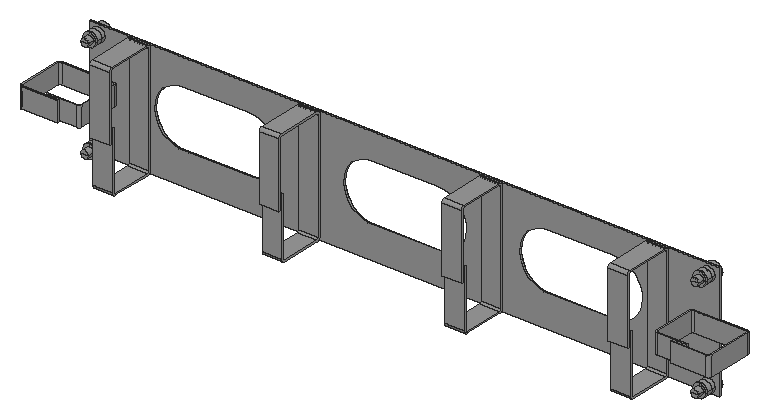
Revit family "ITK Кабельный органайзер 2U 2 боковых горизонтальных и 4 вертикальных кольца", category Обобщенные модели, Revit 2016
Family settings
  Тип детали = Нормальный
  Может служить основой для арматурных стержней = Нет
  Размер круглого соединителя = Использовать диаметр
  На основе рабочей плоскости = Нет
  Всегда вертикально = Да
  При загрузке вырезать с полостями = Нет
  Общий = Нет
  Точка расчета площади = Нет
Parameters (values of type "CO05-2M5RM")
  Ширина = 483 mm
  Высота = 89 mm
  Описание = "19-дюймовые кабельные организаторы ITK предназначены для горизонтальной организации кабеля и кабельных пучков в шкафах и стойках для укладки кабелей в пространствах между коммутационными панелями и установленным активным оборудованием, обеспечивают их поддержку в пределах монтажной высоты шкафа, гарантируют необходимый радиус изгиба коммутационных шнуров и кабеля при подведении их к оборудованию, позволяют избежать перекручивания и спутывания кабелей. При использовании кабельных организаторов существенно снижается вероятность появления сильных перегибов и изломов кабелей, повышается скорость и эффективность работы IT-специалистов и администраторов при обслуживании шкафов и стоек.\r\n\r\nКабельные органайзеры устанавливаются на 19-дюймовые монтажные профили, занимая при этом один или два юнита полезной высоты. Монтаж осуществляется с помощью крепежа винт-шайба-гайка.\r\n\r\nГоризонтальные кабельные организаторы представлены двумя основными видами: открытый органайзер с кольцами или закрытого типа с крышкой. Высота органайзеров: 1U или 2U. Материал: листовая сталь. В комплект поставки входит органайзер и комплект крепежа.\r\nСовместимы со всеми 19-дюймовыми шкафами и стойками ITK.\r\nОбладают современным привлекательным дизайном и продуманной конструкцией.\r\nУдобны в монтаже и эксплуатации.\r\nСоответствие международным стандартам ISO9001, IEC 297, ISO/IEC 11801. \r\nСертифицированы по ГОСТ Р.\r\nВсе аксессуары идут с крепежом.\r\nВозможно исполнение в двух цветах: серый (RAL7035) и черный (RAL9005).\r\nВсегда в наличии на складе.\r\nГарантия на все аксессуары до 2-х лет."  # constant formula
  Материал = Окраска - RAL 9005
  Type Comments = ""
  Изготовитель = "ITK"  # constant formula
  Глубина = 12 mm
  URL = "http://www.itk-group.ru/produktsiya/catalog/?page=section&id=564&pagen=1&pagec=100"
  ADSK_Примечание = ""
  ADSK_Позиция [instance] = ""
  ADSK_Наименование краткое = "CO05-2M6R"
  ADSK_Наименование = "ITK Кабельный органайзер 2U 2 боковых горизонтальных и 4 вертикальных кольца, черный"
  ADSK_Масса = 0
  ADSK_Марка = "CO05-2M6R"
  ADSK_Код изделия = ""
  ADSK_Завод-изготовитель = "IEK"
  ADSK_Единица измерения = "шт"
  ADSK_Группирование = "I. ЩИТЫ И ПУЛЬТЫ"
Types (2, lengths in mm): name | Материал | ADSK_Наименование краткое | ADSK_Наименование | ADSK_Марка
  CO05-2M5RM | Окраска - RAL 9005 | "CO05-2M6R" | "ITK Кабельный органайзер 2U 2 боковых горизонтальных и 4 вертикальных кольца, черный" | "CO05-2M6R"
  CO35-2M5RM | Окраска - RAL 7035 | "CO35-2M5RM" | "ITK Кабельный органайзер 2U 2 боковых горизонтальных и 4 вертикальных кольца, серый" | "CO35-2M5RM"
Reference planes
  plane 1 "По центру (Вперед/Назад)": y = 0
  plane 2: z = 0
  plane 3 "По центру (Влево/Вправо)": x = 0
  plane 4: x = -241.5
  plane 5: x = 241.5
  plane 6: y = -1
  plane 7: x = -223.188
  plane 8: x = 222.388
  plane 9: z = 89
  plane 10: y = 11
  plane 11: x = -173
  plane 12: x = -98
  plane 13: x = -83
  plane 14: x = -8
  plane 15: x = 7
  plane 16: x = 173
  plane 17: x = 98
  plane 18: x = 83
  plane 19: z = 5.937
  plane 20: z = 82.75
  plane 21: z = 44.5
  plane 22: z = 47.266
  plane 23: z = 36.859
Forms (mm)
  Extrusion 1, solid, material "Окраска - RAL 9005" <- "Материал", detail levels fine
    sketch origin (0, 0, 0) x (1, 0, 0) y (0, 1, 0)
      loop
        line (-241.5, 0) -> (-241.5, -1) -> (241.5, -1) -> (241.5, 0) -> (-241.5, 0)
    from 0 to 89
  Extrusion 2, void
    sketch origin (-2000, -1, 1200) x (-1, 0, 0) y (0, 0, -1)
      loop
        circle (-1765.975, 1117.25) r 2.967
      loop
        circle (-1765.975, 1194.062) r 2.967
      loop
        circle (-2234.025, 1117.25) r 2.967
      loop
        circle (-2234.025, 1194.062) r 2.967
    from -1 to 0
  Revolve 3, solid, material "Окраска - RAL 9005" <- "Материал", detail levels fine
    sketch origin (0, 29.553, 5.938) x (0, 1, 0) y (-1, 0, 0)
      loop
        line (-44.803, 236.911) -> (-44.803, 234.025) -> (-26.053, 234.025) -> (-26.053, 240.161) -> (-29.553, 240.161) -> (-29.553, 236.911) -> (-32.003, 236.911) -> (-32.003, 239.143)
        arc (-32.003, 239.143) -> (-33.603, 239.05) -> (-35.203, 239.122) r 15.465
        line (-35.203, 239.122) -> (-39.203, 239.122)
        arc (-39.203, 239.122) -> (-39.704, 239.122) -> (-40.203, 239.083) r 6.422
        line (-40.203, 239.083) -> (-40.203, 236.911) -> (-44.803, 236.911)
      axis (-26.053, 234.025) -> (-44.803, 234.025)
    angle from 0 to 360
  Revolve 4, solid, material "Окраска - RAL 9005" <- "Материал", detail levels fine
    sketch origin (0, 30.928, 82.75) x (0, 1, 0) y (-1, 0, 0)
      loop
        line (-46.178, 236.911) -> (-46.178, 234.025) -> (-27.428, 234.025) -> (-27.428, 240.161) -> (-30.928, 240.161) -> (-30.928, 236.911) -> (-33.378, 236.911) -> (-33.378, 239.143)
        arc (-33.378, 239.143) -> (-34.978, 239.05) -> (-36.578, 239.122) r 15.465
        line (-36.578, 239.122) -> (-40.578, 239.122)
        arc (-40.578, 239.122) -> (-41.079, 239.122) -> (-41.578, 239.083) r 6.422
        line (-41.578, 239.083) -> (-41.578, 236.911) -> (-46.178, 236.911)
      axis (-27.428, 234.025) -> (-46.178, 234.025)
    angle from 0 to 360
  Revolve 5, solid, material "Окраска - RAL 9005" <- "Материал", detail levels fine
    sketch origin (467.046, 30.928, 82.75) x (0, 1, 0) y (-1, 0, 0)
      loop
        line (-46.178, 235.911) -> (-46.178, 233.025) -> (-27.428, 233.025) -> (-27.428, 239.161) -> (-30.928, 239.161) -> (-30.928, 235.911) -> (-33.378, 235.911) -> (-33.378, 238.143)
        arc (-33.378, 238.143) -> (-34.978, 238.05) -> (-36.578, 238.122) r 15.465
        line (-36.578, 238.122) -> (-40.578, 238.122)
        arc (-40.578, 238.122) -> (-41.079, 238.122) -> (-41.578, 238.083) r 6.422
        line (-41.578, 238.083) -> (-41.578, 235.911) -> (-46.178, 235.911)
      axis (-27.428, 233.025) -> (-46.178, 233.025)
    angle from 0 to 360
  Revolve 6, solid, material "Окраска - RAL 9005" <- "Материал", detail levels fine
    sketch origin (0, 30.928, 5.938) x (0, 1, 0) y (-1, 0, 0)
      loop
        line (-46.178, -231.135) -> (-46.178, -234.021) -> (-27.428, -234.021) -> (-27.428, -227.885) -> (-30.928, -227.885) -> (-30.928, -231.135) -> (-33.378, -231.135) -> (-33.378, -228.903)
        arc (-33.378, -228.903) -> (-34.978, -228.997) -> (-36.578, -228.924) r 15.465
        line (-36.578, -228.924) -> (-40.578, -228.924)
        arc (-40.578, -228.924) -> (-41.079, -228.924) -> (-41.578, -228.963) r 6.422
        line (-41.578, -228.963) -> (-41.578, -231.135) -> (-46.178, -231.135)
      axis (-27.428, -234.021) -> (-46.178, -234.021)
    angle from 0 to 360
  Sweep 7, solid, material "Окраска - RAL 9005" <- "Материал", detail levels fine
    path origin (-2.924, 0, 0) x (1, 0, 0) y (0, 1, 0)
      loop
        line (-207.278, -16) -> (-192.269, -16)
    profile origin (-202.698, -16, 0) x (0, 1, 0) y (0, 0, 1)
      loop
        line (13.966, 86.573) -> (13.966, 2.427)
        arc (13.966, 2.427) -> (13.548, 1.418) -> (12.539, 1) r 1.427
        line (12.539, 1) -> (-18.621, 1)
        arc (-18.621, 1) -> (-19.63, 1.418) -> (-20.048, 2.427) r 1.427
        line (-20.048, 2.427) -> (-20.048, 47.266) -> (-21.048, 47.266) -> (-21.048, 2.427)
        arc (-21.048, 2.427) -> (-20.337, 0.711) -> (-18.621, 0) r 2.427
        line (-18.621, 0) -> (12.573, 0)
        arc (12.573, 0) -> (14.289, 0.711) -> (15, 2.427) r 2.427
        line (15, 2.427) -> (15, 86.573)
        arc (15, 86.573) -> (14.289, 88.289) -> (12.573, 89) r 2.427
        line (12.573, 89) -> (-21.624, 89)
        arc (-21.624, 89) -> (-23.321, 88.297) -> (-24.024, 86.6) r 2.4
        line (-24.024, 86.6) -> (-24.024, 36.859) -> (-23.024, 36.859) -> (-23.024, 86.6)
        arc (-23.024, 86.6) -> (-22.614, 87.59) -> (-21.624, 88) r 1.4
        line (-21.624, 88) -> (12.539, 88)
        arc (12.539, 88) -> (13.548, 87.582) -> (13.966, 86.573) r 1.427
  Extrusion 8, void
    sketch origin (-2007.192, -1, 1208.071) x (1, 0, 0) y (0, 0, -1)
      loop
        line (1891.326, 1183.071) -> (1834.231, 1183.071)
        arc (1834.231, 1183.071) -> (1815.707, 1159.434) -> (1837.779, 1139.071) r 22.143
        line (1837.779, 1139.071) -> (1887.778, 1139.071)
        arc (1887.778, 1139.071) -> (1909.849, 1159.434) -> (1891.326, 1183.071) r 22.143
      loop
        line (2036.326, 1183.071) -> (1979.231, 1183.071)
        arc (1979.231, 1183.071) -> (1960.707, 1159.434) -> (1982.779, 1139.071) r 22.143
        line (1982.779, 1139.071) -> (2032.778, 1139.071)
        arc (2032.778, 1139.071) -> (2054.849, 1159.434) -> (2036.326, 1183.071) r 22.143
      loop
        line (2171.326, 1183.071) -> (2114.231, 1183.071)
        arc (2114.231, 1183.071) -> (2095.707, 1159.434) -> (2117.779, 1139.071) r 22.143
        line (2117.779, 1139.071) -> (2167.778, 1139.071)
        arc (2167.778, 1139.071) -> (2189.849, 1159.434) -> (2171.326, 1183.071) r 22.143
    from 0 to 1
  Sweep 9, solid, material "Окраска - RAL 9005" <- "Материал", detail levels fine
    path origin (267.076, 0, 0) x (1, 0, 0) y (0, 1, 0)
      loop
        line (-207.278, -16) -> (-192.269, -16)
    profile origin (67.302, -16, 0) x (0, 1, 0) y (0, 0, 1)
      loop
        line (13.966, 86.673) -> (13.966, 2.427)
        arc (13.966, 2.427) -> (13.548, 1.418) -> (12.539, 1) r 1.427
        line (12.539, 1) -> (-18.621, 1)
        arc (-18.621, 1) -> (-19.63, 1.418) -> (-20.048, 2.427) r 1.427
        line (-20.048, 2.427) -> (-20.048, 47.266) -> (-21.048, 47.266) -> (-21.048, 2.427)
        arc (-21.048, 2.427) -> (-20.337, 0.711) -> (-18.621, 0) r 2.427
        line (-18.621, 0) -> (12.573, 0)
        arc (12.573, 0) -> (14.289, 0.711) -> (15, 2.427) r 2.427
        line (15, 2.427) -> (15, 86.573)
        arc (15, 86.573) -> (14.289, 88.289) -> (12.573, 89) r 2.427
        line (12.573, 89) -> (-21.624, 89)
        arc (-21.624, 89) -> (-23.321, 88.297) -> (-24.024, 86.6) r 2.4
        line (-24.024, 86.6) -> (-24.024, 36.859) -> (-23.024, 36.859) -> (-23.024, 86.7)
        arc (-23.024, 86.7) -> (-22.614, 87.69) -> (-21.624, 88.1) r 1.4
        line (-21.624, 88.1) -> (12.539, 88.1)
        arc (12.539, 88.1) -> (13.548, 87.682) -> (13.966, 86.673) r 1.427
  Sweep 10, solid, material "Окраска - RAL 9005" <- "Материал", detail levels fine
    path origin (394.52, 0, 0) x (1, 0, 0) y (0, 1, 0)
      loop
        line (-207.278, -16) -> (-192.269, -16)
    profile origin (194.747, -16, 0) x (0, 1, 0) y (0, 0, 1)
      loop
        line (13.966, 86.673) -> (13.966, 2.427)
        arc (13.966, 2.427) -> (13.548, 1.418) -> (12.539, 1) r 1.427
        line (12.539, 1) -> (-18.621, 1)
        arc (-18.621, 1) -> (-19.63, 1.418) -> (-20.048, 2.427) r 1.427
        line (-20.048, 2.427) -> (-20.048, 47.266) -> (-21.048, 47.266) -> (-21.048, 2.427)
        arc (-21.048, 2.427) -> (-20.337, 0.711) -> (-18.621, 0) r 2.427
        line (-18.621, 0) -> (12.573, 0)
        arc (12.573, 0) -> (14.289, 0.711) -> (15, 2.427) r 2.427
        line (15, 2.427) -> (15, 86.573)
        arc (15, 86.573) -> (14.289, 88.289) -> (12.573, 89) r 2.427
        line (12.573, 89) -> (-21.624, 89)
        arc (-21.624, 89) -> (-23.321, 88.297) -> (-24.024, 86.6) r 2.4
        line (-24.024, 86.6) -> (-24.024, 36.859) -> (-23.024, 36.859) -> (-23.024, 86.7)
        arc (-23.024, 86.7) -> (-22.614, 87.69) -> (-21.624, 88.1) r 1.4
        line (-21.624, 88.1) -> (12.539, 88.1)
        arc (12.539, 88.1) -> (13.548, 87.682) -> (13.966, 86.673) r 1.427
  Sweep 11, solid, material "Окраска - RAL 9005" <- "Материал", detail levels fine
    path origin (127.076, 0, 0) x (1, 0, 0) y (0, 1, 0)
      loop
        line (-207.278, -16) -> (-192.269, -16)
    profile origin (-72.698, -16, 0) x (0, 1, 0) y (0, 0, 1)
      loop
        line (13.966, 86.573) -> (13.966, 2.427)
        arc (13.966, 2.427) -> (13.548, 1.418) -> (12.539, 1) r 1.427
        line (12.539, 1) -> (-18.621, 1)
        arc (-18.621, 1) -> (-19.63, 1.418) -> (-20.048, 2.427) r 1.427
        line (-20.048, 2.427) -> (-20.048, 47.266) -> (-21.048, 47.266) -> (-21.048, 2.427)
        arc (-21.048, 2.427) -> (-20.337, 0.711) -> (-18.621, 0) r 2.427
        line (-18.621, 0) -> (12.573, 0)
        arc (12.573, 0) -> (14.289, 0.711) -> (15, 2.427) r 2.427
        line (15, 2.427) -> (15, 86.573)
        arc (15, 86.573) -> (14.289, 88.289) -> (12.573, 89) r 2.427
        line (12.573, 89) -> (-21.624, 89)
        arc (-21.624, 89) -> (-23.321, 88.297) -> (-24.024, 86.6) r 2.4
        line (-24.024, 86.6) -> (-24.024, 36.859) -> (-23.024, 36.859) -> (-23.024, 86.6)
        arc (-23.024, 86.6) -> (-22.614, 87.59) -> (-21.624, 88) r 1.4
        line (-21.624, 88) -> (12.539, 88)
        arc (12.539, 88) -> (13.548, 87.582) -> (13.966, 86.573) r 1.427
  Sweep 12, solid, material "Окраска - RAL 9005" <- "Материал", detail levels fine
    path origin (-220.448, 0, 245.508) x (0, 0, 1) y (0, 1, 0)
      loop
        line (-207.278, -16) -> (-192.269, -16)
    profile origin (-220.448, -16, 45.735) x (0, 1, 0) y (-1, 0, 0)
      loop
        line (13.966, 42.073) -> (13.966, 2.427)
        arc (13.966, 2.427) -> (13.548, 1.418) -> (12.539, 1) r 1.427
        line (12.539, 1) -> (-18.621, 1)
        arc (-18.621, 1) -> (-19.63, 1.418) -> (-20.048, 2.427) r 1.427
        line (-20.048, 2.427) -> (-20.048, 25.016) -> (-21.048, 25.016) -> (-21.048, 2.427)
        arc (-21.048, 2.427) -> (-20.337, 0.711) -> (-18.621, 0) r 2.427
        line (-18.621, 0) -> (12.573, 0)
        arc (12.573, 0) -> (14.289, 0.711) -> (15, 2.427) r 2.427
        line (15, 2.427) -> (15, 42.073)
        arc (15, 42.073) -> (14.289, 43.789) -> (12.573, 44.5) r 2.427
        line (12.573, 44.5) -> (-21.624, 44.5)
        arc (-21.624, 44.5) -> (-23.321, 43.797) -> (-24.024, 42.1) r 2.4
        line (-24.024, 42.1) -> (-24.024, 14.609) -> (-23.024, 14.609) -> (-23.024, 42.1)
        arc (-23.024, 42.1) -> (-22.614, 43.09) -> (-21.624, 43.5) r 1.4
        line (-21.624, 43.5) -> (12.539, 43.5)
        arc (12.539, 43.5) -> (13.548, 43.082) -> (13.966, 42.073) r 1.427
  Sweep 13, solid, material "Окраска - RAL 9005" <- "Материал", detail levels fine
    path origin (220.448, 0, 245.508) x (0, 0, 1) y (0, -1, 0)
      loop
        line (-207.278, 16) -> (-192.269, 16)
    profile origin (220.448, -16, 45.735) x (0, -1, 0) y (1, 0, 0)
      loop
        arc (-13.966, 42.073) -> (-13.548, 43.082) -> (-12.539, 43.5) r 1.427
        line (-12.539, 43.5) -> (21.624, 43.5)
        arc (21.624, 43.5) -> (22.614, 43.09) -> (23.024, 42.1) r 1.4
        line (23.024, 42.1) -> (23.024, 14.609) -> (24.024, 14.609) -> (24.024, 42.1)
        arc (24.024, 42.1) -> (23.321, 43.797) -> (21.624, 44.5) r 2.4
        line (21.624, 44.5) -> (-12.573, 44.5)
        arc (-12.573, 44.5) -> (-14.289, 43.789) -> (-15, 42.073) r 2.427
        line (-15, 42.073) -> (-15, 2.427)
        arc (-15, 2.427) -> (-14.289, 0.711) -> (-12.573, 0) r 2.427
        line (-12.573, 0) -> (18.621, 0)
        arc (18.621, 0) -> (20.337, 0.711) -> (21.048, 2.427) r 2.427
        line (21.048, 2.427) -> (21.048, 25.016) -> (20.048, 25.016) -> (20.048, 2.427)
        arc (20.048, 2.427) -> (19.63, 1.418) -> (18.621, 1) r 1.427
        line (18.621, 1) -> (-12.539, 1)
        arc (-12.539, 1) -> (-13.548, 1.418) -> (-13.966, 2.427) r 1.427
        line (-13.966, 2.427) -> (-13.966, 42.073)
Cuts and joins
  Extrusion 2, Extrusion 8 cuts Extrusion 1
Dimensions and locks
  equal spacing: plane 4, plane 3 "По центру (Влево/Вправо)", plane 5
  "Ширина": plane 4 to plane 5
  plane 8 to plane 5 = 19.112 mm
  plane 4 to plane 7 = 18.312 mm
  "Высота": plane 9 to plane 2
  plane 6 to plane 1 "По центру (Вперед/Назад)" = 1 mm
  "Глубина": plane 6 to plane 10
  plane 19 to plane 2 = 5.937 mm
  plane 9 to plane 20 = 6.25 mm
  equal spacing: plane 9, plane 21, plane 2
  locked: plane 22 to plane 21 at 2.766
  locked: plane 22 to plane 23 at 10.406
  plane 5 to plane 4 = 483 mm
  equal spacing: plane 5, plane 3 "По центру (Влево/Вправо)", plane 4
  aligned and locked: level to plane 2
  aligned and locked: plane 1 "По центру (Вперед/Назад)" to Extrusion 1 sketch curve
  aligned and locked: plane 4 to Extrusion 1 sketch curve
  aligned and locked: Extrusion 1 sketch curve to plane 6
  aligned and locked: plane 5 to Extrusion 1 sketch curve
  aligned and locked: plane 9 to Extrusion 1
  aligned and locked: Extrusion 1 to plane 2
  aligned and locked: Extrusion 2 to plane 1 "По центру (Вперед/Назад)"
  aligned and locked: plane 6 to Extrusion 2
  aligned and locked: Revolve 3 sketch curve to Revolve 3 sketch curve
  aligned and locked: Revolve 4 sketch curve to Revolve 4 sketch curve
  aligned and locked: Revolve 5 sketch curve to Revolve 5 sketch curve
  aligned and locked: Revolve 6 sketch curve to Revolve 6 sketch curve
  aligned and locked: Sweep 7 sketch curve to plane 9
  aligned and locked: Sweep 7 sketch curve to plane 22
  aligned and locked: plane 23 to Sweep 7 sketch curve
  aligned and locked: plane 23 to Sweep 9 sketch curve
  aligned and locked: Sweep 9 sketch curve to plane 22
  aligned and locked: Sweep 9 sketch curve to plane 9
  aligned and locked: plane 23 to Sweep 10 sketch curve
  aligned and locked: Sweep 10 sketch curve to plane 22
  aligned and locked: Sweep 10 sketch curve to plane 9
  aligned and locked: plane 23 to Sweep 11 sketch curve
  aligned and locked: Sweep 11 sketch curve to plane 22
  aligned and locked: Sweep 11 sketch curve to plane 9
Automatic sketch dimensions
  Extrusion 2 sketch curve to plane 20 = 0 mm  (x2)
  Extrusion 2 sketch curve to plane 19 = 0 mm  (x2)
  Extrusion 2 sketch curve to plane 5 = 7.475 mm  (x2)
  Extrusion 2 sketch curve to plane 4 = 7.475 mm  (x2)
  plane 1 "По центру (Вперед/Назад)" to Revolve 3 sketch curve = 0 mm
  plane 6 to Revolve 3 sketch curve = 1.45 mm
  plane 6 to Revolve 3 sketch curve = 3.15 mm
  Revolve 3 sketch curve to Revolve 3 sketch curve = 3.2 mm
  Revolve 3 sketch curve to Revolve 3 sketch curve = 4 mm
  Revolve 3 sketch curve to Revolve 3 sketch curve = 0.25 mm
  Revolve 3 sketch curve to Revolve 3 sketch curve = 1 mm
  Revolve 3 sketch curve to Revolve 3 sketch curve = 4.6 mm
  Revolve 3 sketch curve to plane 1 "По центру (Вперед/Назад)" = 3.5 mm
  plane 4 to Revolve 3 sketch curve = 8.795 mm
  Revolve 3 sketch curve to Revolve 3 sketch curve = 1.32 mm
  Revolve 3 sketch curve to Revolve 3 sketch curve = 4.206 mm
  Revolve 3 sketch curve to Revolve 3 sketch curve = 2.886 mm
  Revolve 3 sketch curve to Revolve 3 sketch curve = 2.172 mm
  Revolve 3 sketch curve to Revolve 3 sketch curve = 2.232 mm
  plane 4 to Revolve 3 sketch curve = 1.339 mm
  Revolve 3 sketch curve to Revolve 3 sketch curve = 0 mm  (x2)
  plane 1 "По центру (Вперед/Назад)" to Revolve 4 sketch curve = 0 mm
  plane 6 to Revolve 4 sketch curve = 1.45 mm
  plane 6 to Revolve 4 sketch curve = 3.15 mm
  Revolve 4 sketch curve to Revolve 4 sketch curve = 3.2 mm
  Revolve 4 sketch curve to Revolve 4 sketch curve = 4 mm
  Revolve 4 sketch curve to Revolve 4 sketch curve = 0.25 mm
  Revolve 4 sketch curve to Revolve 4 sketch curve = 1 mm
  Revolve 4 sketch curve to Revolve 4 sketch curve = 4.6 mm
  Revolve 4 sketch curve to plane 1 "По центру (Вперед/Назад)" = 3.5 mm
  plane 4 to Revolve 4 sketch curve = 8.795 mm
  Revolve 4 sketch curve to Revolve 4 sketch curve = 1.32 mm
  Revolve 4 sketch curve to Revolve 4 sketch curve = 4.206 mm
  Revolve 4 sketch curve to Revolve 4 sketch curve = 2.886 mm
  Revolve 4 sketch curve to Revolve 4 sketch curve = 2.172 mm
  Revolve 4 sketch curve to Revolve 4 sketch curve = 2.232 mm
  plane 4 to Revolve 4 sketch curve = 1.339 mm
  Revolve 4 sketch curve to Revolve 4 sketch curve = 0 mm  (x2)
  plane 1 "По центру (Вперед/Назад)" to Revolve 5 sketch curve = 0 mm
  plane 6 to Revolve 5 sketch curve = 1.45 mm
  plane 6 to Revolve 5 sketch curve = 3.15 mm
  Revolve 5 sketch curve to Revolve 5 sketch curve = 3.2 mm
  Revolve 5 sketch curve to Revolve 5 sketch curve = 4 mm
  Revolve 5 sketch curve to Revolve 5 sketch curve = 0.25 mm
  Revolve 5 sketch curve to Revolve 5 sketch curve = 1 mm
  Revolve 5 sketch curve to Revolve 5 sketch curve = 4.6 mm
  Revolve 5 sketch curve to plane 1 "По центру (Вперед/Назад)" = 3.5 mm
  plane 5 to Revolve 5 sketch curve = 6.159 mm
  Revolve 5 sketch curve to Revolve 5 sketch curve = 1.32 mm
  Revolve 5 sketch curve to Revolve 5 sketch curve = 4.206 mm
  Revolve 5 sketch curve to Revolve 5 sketch curve = 2.886 mm
  Revolve 5 sketch curve to Revolve 5 sketch curve = 2.172 mm
  Revolve 5 sketch curve to Revolve 5 sketch curve = 2.232 mm
  Revolve 5 sketch curve to Revolve 5 sketch curve = 1.018 mm
  Revolve 5 sketch curve to Revolve 5 sketch curve = 0 mm  (x2)
  plane 1 "По центру (Вперед/Назад)" to Revolve 6 sketch curve = 0 mm
  plane 6 to Revolve 6 sketch curve = 1.45 mm
  plane 6 to Revolve 6 sketch curve = 3.15 mm
  Revolve 6 sketch curve to Revolve 6 sketch curve = 3.2 mm
  Revolve 6 sketch curve to Revolve 6 sketch curve = 4 mm
  Revolve 6 sketch curve to Revolve 6 sketch curve = 0.25 mm
  Revolve 6 sketch curve to Revolve 6 sketch curve = 1 mm
  Revolve 6 sketch curve to Revolve 6 sketch curve = 4.6 mm
  Revolve 6 sketch curve to plane 1 "По центру (Вперед/Назад)" = 3.5 mm
  plane 5 to Revolve 6 sketch curve = 6.159 mm
  Revolve 6 sketch curve to Revolve 6 sketch curve = 1.32 mm
  Revolve 6 sketch curve to Revolve 6 sketch curve = 4.206 mm
  Revolve 6 sketch curve to Revolve 6 sketch curve = 2.886 mm
  Revolve 6 sketch curve to Revolve 6 sketch curve = 2.172 mm
  Revolve 6 sketch curve to Revolve 6 sketch curve = 2.232 mm
  Revolve 6 sketch curve to Revolve 6 sketch curve = 1.018 mm
  Revolve 6 sketch curve to Revolve 6 sketch curve = 0 mm  (x2)
  plane 7 to Sweep 7 sketch curve = 12.986 mm
  plane 6 to Sweep 7 sketch curve = 15 mm
  Sweep 7 sketch curve to Sweep 7 sketch curve = 15.009 mm
  Sweep 7 sketch curve to Sweep 7 sketch curve = 0 mm  (x4)
  Sweep 7 sketch curve to level = 0 mm
  profile plane to Sweep 7 sketch curve = 24.024 mm
  Sweep 7 sketch curve to Sweep 7 sketch curve = 1 mm  (x2)
  Sweep 7 sketch curve to Sweep 7 sketch curve = 1.4 mm
  Sweep 7 sketch curve to Sweep 7 sketch curve = 1.976 mm
  Sweep 7 sketch curve to Sweep 7 sketch curve = 1.427 mm
  Sweep 7 sketch curve to profile plane = 12.539 mm  (x2)
  Sweep 7 sketch curve to Sweep 7 sketch curve = 0.034 mm  (x2)
  Sweep 7 sketch curve to Sweep 7 sketch curve = 1.393 mm
  Sweep 7 sketch curve to Sweep 7 sketch curve = 1.034 mm
  Extrusion 8 sketch curve to plane 11 = 0.039 mm
  Extrusion 8 sketch curve to plane 11 = 3.587 mm
  plane 22 to Extrusion 8 sketch curve = 0.409 mm  (x3)
  plane 12 to Extrusion 8 sketch curve = 21.414 mm
  plane 12 to Extrusion 8 sketch curve = 17.865 mm
  plane 14 to Extrusion 8 sketch curve = 19.961 mm
  plane 14 to Extrusion 8 sketch curve = 16.413 mm
  Extrusion 8 sketch curve to plane 15 = 18.586 mm
  Extrusion 8 sketch curve to plane 15 = 22.135 mm
  plane 17 to Extrusion 8 sketch curve = 9.039 mm
  plane 17 to Extrusion 8 sketch curve = 12.587 mm
  Extrusion 8 sketch curve to plane 16 = 12.414 mm
  Extrusion 8 sketch curve to plane 16 = 8.865 mm
  plane 23 to Extrusion 8 sketch curve = 11.859 mm  (x3)
  plane 18 to Sweep 9 sketch curve = 23.202 mm
  plane 6 to Sweep 9 sketch curve = 15 mm
  plane 18 to Sweep 9 sketch curve = 8.193 mm
  Sweep 9 sketch curve to Sweep 9 sketch curve = 0 mm  (x3)
  Sweep 9 sketch curve to level = 0 mm
  profile plane to Sweep 9 sketch curve = 24.024 mm
  Sweep 9 sketch curve to Sweep 9 sketch curve = 1 mm  (x2)
  Sweep 9 sketch curve to Sweep 9 sketch curve = 1.4 mm
  Sweep 9 sketch curve to Sweep 9 sketch curve = 1.976 mm
  Sweep 9 sketch curve to Sweep 9 sketch curve = 1.427 mm
  Sweep 9 sketch curve to profile plane = 12.539 mm  (x2)
  Sweep 9 sketch curve to Sweep 9 sketch curve = 0.034 mm  (x2)
  Sweep 9 sketch curve to Sweep 9 sketch curve = 1.393 mm
  Sweep 9 sketch curve to Sweep 9 sketch curve = 1.034 mm
  Sweep 9 sketch curve to Sweep 9 sketch curve = 0.1 mm
  Sweep 10 sketch curve to plane 16 = 14.242 mm
  plane 6 to Sweep 10 sketch curve = 15 mm
  Sweep 10 sketch curve to Sweep 10 sketch curve = 15.009 mm
  Sweep 10 sketch curve to Sweep 10 sketch curve = 0 mm  (x3)
  Sweep 10 sketch curve to level = 0 mm
  profile plane to Sweep 10 sketch curve = 24.024 mm
  Sweep 10 sketch curve to Sweep 10 sketch curve = 1 mm  (x2)
  Sweep 10 sketch curve to Sweep 10 sketch curve = 1.4 mm
  Sweep 10 sketch curve to Sweep 10 sketch curve = 1.976 mm
  Sweep 10 sketch curve to Sweep 10 sketch curve = 1.427 mm
  Sweep 10 sketch curve to profile plane = 12.539 mm  (x2)
  Sweep 10 sketch curve to Sweep 10 sketch curve = 0.034 mm  (x2)
  Sweep 10 sketch curve to Sweep 10 sketch curve = 1.393 mm
  Sweep 10 sketch curve to Sweep 10 sketch curve = 1.034 mm
  Sweep 10 sketch curve to Sweep 10 sketch curve = 0.1 mm
  plane 13 to Sweep 11 sketch curve = 2.798 mm
  plane 6 to Sweep 11 sketch curve = 15 mm
  Sweep 11 sketch curve to Sweep 11 sketch curve = 15.009 mm
  Sweep 11 sketch curve to Sweep 11 sketch curve = 0 mm  (x4)
  Sweep 11 sketch curve to level = 0 mm
  profile plane to Sweep 11 sketch curve = 24.024 mm
  Sweep 11 sketch curve to Sweep 11 sketch curve = 1 mm  (x2)
  Sweep 11 sketch curve to Sweep 11 sketch curve = 1.4 mm
  Sweep 11 sketch curve to Sweep 11 sketch curve = 1.976 mm
  Sweep 11 sketch curve to Sweep 11 sketch curve = 1.427 mm
  Sweep 11 sketch curve to profile plane = 12.539 mm  (x2)
  Sweep 11 sketch curve to Sweep 11 sketch curve = 0.034 mm  (x2)
  Sweep 11 sketch curve to Sweep 11 sketch curve = 1.393 mm
  Sweep 11 sketch curve to Sweep 11 sketch curve = 1.034 mm
  plane 23 to Sweep 12 sketch curve = 1.371 mm
  plane 22 to Sweep 12 sketch curve = 5.974 mm
  plane 6 to Sweep 12 sketch curve = 15 mm
  Sweep 12 sketch curve to Sweep 12 sketch curve = 0 mm  (x4)
  Sweep 12 sketch curve to profile plane = 0 mm
  profile plane to Sweep 12 sketch curve = 24.024 mm
  Sweep 12 sketch curve to Sweep 12 sketch curve = 1 mm  (x2)
  Sweep 12 sketch curve to Sweep 12 sketch curve = 1.4 mm
  Sweep 12 sketch curve to Sweep 12 sketch curve = 1.976 mm
  Sweep 12 sketch curve to Sweep 12 sketch curve = 1.427 mm
  Sweep 12 sketch curve to profile plane = 12.539 mm  (x2)
  Sweep 12 sketch curve to Sweep 12 sketch curve = 0.034 mm  (x2)
  Sweep 12 sketch curve to Sweep 12 sketch curve = 1.393 mm
  Sweep 12 sketch curve to Sweep 12 sketch curve = 1.034 mm
  Sweep 12 sketch curve to Sweep 12 sketch curve = 12.182 mm
  Sweep 12 sketch curve to Sweep 12 sketch curve = 10.406 mm
  Sweep 12 sketch curve to Sweep 12 sketch curve = 17.057 mm
  plane 23 to Sweep 13 sketch curve = 1.371 mm
  plane 22 to Sweep 13 sketch curve = 5.974 mm
  plane 6 to Sweep 13 sketch curve = 15 mm
  Sweep 13 sketch curve to Sweep 13 sketch curve = 0 mm  (x4)
  Sweep 13 sketch curve to profile plane = 0 mm
  profile plane to Sweep 13 sketch curve = 15 mm
  Sweep 13 sketch curve to Sweep 13 sketch curve = 1.034 mm
  Sweep 13 sketch curve to Sweep 13 sketch curve = 1.393 mm  (x2)
  Sweep 13 sketch curve to Sweep 13 sketch curve = 0.034 mm  (x2)
  profile plane to Sweep 13 sketch curve = 2.427 mm
  Sweep 13 sketch curve to profile plane = 18.621 mm
  Sweep 13 sketch curve to Sweep 13 sketch curve = 1 mm  (x2)
  Sweep 13 sketch curve to Sweep 13 sketch curve = 0.576 mm
  Sweep 13 sketch curve to Sweep 13 sketch curve = 1.976 mm
  Sweep 13 sketch curve to Sweep 13 sketch curve = 12.182 mm
  Sweep 13 sketch curve to Sweep 13 sketch curve = 10.406 mm
  Sweep 13 sketch curve to Sweep 13 sketch curve = 17.057 mm
  radius of Extrusion 2 sketch curve = 2.967 mm  (x4)
